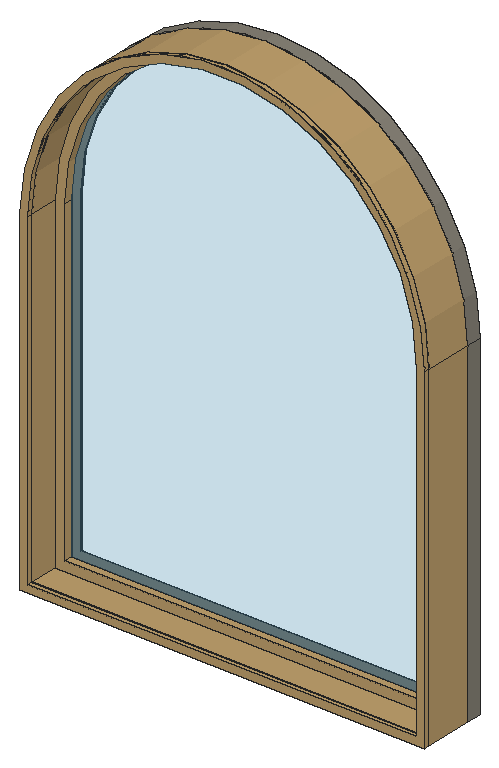
Revit family
Parameters (values of type "CRT2DH")
  Window Type = "Clad Direct Glaze Ultimate Round Top RT2"
  URL = "www.marvin.com"
  Springline = Height - Radius  # 2' - 6"
  Radius = Width / 2  # 1' - 6"
  Nominal Width = 3' - 0"
  Nominal Height = 4' - 0"
  Model = "CRT2DH"
  Mask Offset [instance] = if(Inset to Installation Flange = 0' 1 3/32", 0' 0 1/32", 0' 0")  # 0' - 0"
  Mask [instance] = Inset to Installation Flange > 0' 1 3/32"  # no
  Manufacturer = "Marvin Windows and Doors"
  Label Visibility = no
  Interior Material = Wood-Marvin-Pine
  Glazing Material = Glass-Marvin-IG Low E II with Argon
  Glass Type = "IG Low E II with Argon"
  Frame = "Aluminum Clad"
  Family created by = "www.rbuiltcomponents.com"
  Rough Width = Width + 0' 1"  # 3' - 1"
  Rough Height = Height + 0' 0 1/2"  # 4' - 0 1/2"
  Jamb Extension Visibility = yes
  Inset to Installation Flange [instance] = 0' - 1"
  Height = Nominal Height  # 4' - 0"
  Design Pressure = if(or(Width > 10' 0", Height > 6' 0"), "", "DP40")  # "DP40"
  Description = "FIXED RT2"
  Default Head Height = 8' - 0"
  Wall Closure = (empty or 0)
  Width = Nominal Width  # 3' - 0"
  DLO Width = Width - 0' 3 1/8"  # 2' - 8 7/8"
  DLO Height = Height - 0' 3 1/8"  # 3' - 8 7/8"
  Cladding Material = Aluminum-Marvin-Bronze
  Assembly Code = ""
Reference planes (in)
  plane 1 "Center (Front/Back)": y = 0
  plane 2: z = 0
  plane 3 "Center (Left/Right)": x = -3
  plane 4 "Left": x = -21
  plane 5 "Right": x = 15
  plane 6 "Sill": z = 48
  plane 7 "Top": z = 96
  plane 8 "Inset": y = 2
  plane 9 "Glazing": y = 1.80078
  plane 10 "Jamb Ext Face": y = -2.5625
  plane 11: z = 78
  plane 12: y = -2.59375
Forms (in)
  Sweep 1, solid, material "Aluminum-Marvin-Bronze" <- "Cladding Material"
    path origin (0, 1.80078, 0) x (1, 0, 0) y (0, 0, 1)
      loop
        line (-21, 78) -> (-21, 48) -> (15, 48) -> (15, 78)
        arc (15, 78) -> (-3, 96) -> (-21, 78) r 18
    profile "Profile_Ext_Clad_Frame : Profile_Ext_Clad_Frame" origin (-21, 1.80078, 63) x (1, 0, 0) y (0, -1, 0)
      loop
        line (0.66161, -0.32533) -> (1.36603, -0.32533) -> (1.36603, -0.20244) -> (1.53351, -0.03495) -> (1.53351, 0) -> (0, 0) -> (0, -1.29321) -> (0.59393, -1.29321) -> (0.66161, -0.32533)
  Sweep 2, solid, material "Wood-Marvin-Pine" <- "Interior Material"
    path origin (0, 1.80078, 0) x (1, 0, 0) y (0, 0, 1)
      loop
        line (-21, 78) -> (-21, 48) -> (15, 48) -> (15, 78)
        arc (15, 78) -> (-3, 96) -> (-21, 78) r 18
    profile "Profile_Int_Frame : Profile_Int_Frame" origin (-21, 1.80078, 63) x (1, 0, 0) y (0, -1, 0)
      loop
        line (0.65625, 4.36304) -> (0, 4.36304) -> (0, 0) -> (0.65625, 0) -> (0.65625, 1.0626) -> (1.53226, 1.0626) -> (1.53226, 1.7506) -> (0.65625, 1.7506) -> (0.65625, 4.36304)
  Extrusion 3, solid, material "Glass-Marvin-IG Low E II with Argon" <- "Glazing Material"
    sketch origin (0, 1.80078, 0) x (1, 0, 0) y (0, 0, 1)
      loop
        line (14.15625, 48.84375) -> (14.15625, 80.54337)
        arc (14.15625, 80.54337) -> (-3, 95.34375) -> (-20.15625, 80.54337) r 17.34375
        line (-20.15625, 80.54337) -> (-20.15625, 48.84375) -> (14.15625, 48.84375)
    from 0 to 0.1875
  Extrusion 4, solid, material "Glass-Marvin-IG Low E II with Argon" <- "Glazing Material"
    sketch origin (0, 1.80078, 0) x (1, 0, 0) y (0, 0, 1)
      loop
        line (14.15625, 48.84375) -> (14.15625, 80.54337)
        arc (14.15625, 80.54337) -> (-3, 95.34375) -> (-20.15625, 80.54337) r 17.34375
        line (-20.15625, 80.54337) -> (-20.15625, 48.84375) -> (14.15625, 48.84375)
    from 0.8125 to 1
  Extrusion 5, solid, material "Wood-Marvin-Pine" <- "Interior Material", detail levels medium+fine
    sketch origin (0, -2.5625, 0) x (1, 0, 0) y (0, 0, 1)
      loop
        arc (15, 78) -> (-3, 96) -> (-21, 78) r 18
        line (-21, 78) -> (-21, 48) -> (15, 48) -> (15, 78)
      loop
        arc (14.34375, 78) -> (-3, 95.34375) -> (-20.34375, 78) r 17.34375
        line (-20.34375, 78) -> (-20.34375, 48.65625) -> (14.34375, 48.65625) -> (14.34375, 78)
    from 0.03125 to 0.4375
Lines and regions (in)
  Opening 1
    outline origin (-60, -3, 0) x (1, 0, 0) y (0, 0, 1)
      loop
        line (39, 78) -> (39, 48) -> (75, 48) -> (75, 78)
        arc (75, 78) -> (57, 96) -> (39, 78) r 18
  Masking region 1
    outline origin (0, 0, 48) x (0, -1, 0) y (1, 0, 0)
      loop
        line (-3.094, -21) -> (2.5625, -21) -> (2.5625, 15) -> (-3.094, 15) -> (-3.094, -21)
  Masking region 2
    outline origin (-3, 0, 0) x (0, 1, 0) y (0, 0, 1)
      loop
        line (3.094, 96) -> (-2.5625, 96) -> (-2.5625, 48) -> (3.094, 48) -> (3.094, 96)
  Masking region 3, visible <- "Jamb Extension Visibility"
    outline origin (0, 0, 0) x (1, 0, 0) y (0, 1, 0)
      loop
        line (-21, -2.59375) -> (-21, -3) -> (15, -3) -> (15, -2.59375) -> (-21, -2.59375)
  Masking region 4
    outline origin (-3, 0, 0) x (0, 1, 0) y (0, 0, 1)
      loop
        line (-2.59375, 96) -> (-3, 96) -> (-3, 48) -> (-2.59375, 48) -> (-2.59375, 96)
  Masking region 5, visible <- "Mask"
    outline origin (-3, 0.11468, 0) x (0, 1, 0) y (0, 0, 1)
      loop
        line (2.97932, 96) -> (2.88532, 96) -> (2.88532, 48) -> (2.97932, 48) -> (2.97932, 96)
  symbolic lines, style "Jamb Extension", visible <- "Jamb Extension Visibility", detail levels fine
    curve 1: line (-21, -3, 48) -> (-20.34375, -3, 48)
    curve 2: line (-20.34375, -3, 48) -> (-20.34375, -2.59375, 48)
    curve 3: line (15, -3, 48) -> (14.34375, -3, 48)
    curve 4: line (14.34375, -3, 48) -> (14.34375, -2.59375, 48)
    curve 5: line (-3, -3, 95.34112) -> (-3, -2.59375, 95.34112)
    curve 6: line (-3, -3, 48.65625) -> (-3, -2.59375, 48.65625)
  symbolic lines, style "WindowsFrameMullionProjection", detail levels coarse+medium
    curve 7: line (15, -2.5625, 0) -> (14.34375, -2.5625, 0)
    curve 8: line (14.34375, -2.5625, 0) -> (14.34375, 3.094, 0)
    curve 9: line (14.34375, 3.094, 0) -> (15, 3.094, 0)
    curve 10: line (14.34375, 2.12611, 0) -> (13.46774, 2.12611, 0)
    curve 11: line (13.46774, 2.12611, 0) -> (13.46774, 0.05018, 0)
    curve 12: line (-20.34375, 0.05018, 0) -> (-19.46774, 0.05018, 0)
    curve 13: line (-21, -2.5625, 0) -> (-20.34375, -2.5625, 0)
    curve 14: line (-20.34375, -2.5625, 0) -> (-20.34375, 3.094, 0)
    curve 15: line (-20.34375, 3.094, 0) -> (-21, 3.094, 0)
    curve 16: line (-19.46774, 2.12611, 0) -> (-19.46774, 0.05018, 0)
    curve 17: line (-3, 3.094, 96) -> (-3, 3.094, 95.34112)
    curve 18: line (-3, 3.094, 95.34112) -> (-3, -2.5625, 95.34112)
    curve 19: line (-3, -2.5625, 95.34112) -> (-3, -2.5625, 96)
    curve 20: line (-3, 2.12611, 95.34112) -> (-3, 2.12611, 94.46774)
    curve 21: line (-3, 2.12611, 94.46774) -> (-3, 0.05018, 94.46774)
    curve 22: line (-3, 0.05018, 48.65625) -> (-3, 0.05018, 49.53226)
    curve 23: line (-3, 3.094, 48) -> (-3, 3.094, 48.65625)
    curve 24: line (-3, 3.094, 48.65625) -> (-3, -2.5625, 48.65625)
    curve 25: line (-3, -2.5625, 48.65625) -> (-3, -2.5625, 48)
    curve 26: line (-3, 2.12611, 49.53226) -> (-3, 0.05018, 49.53226)
    curve 27: line (13.46774, 2.12611, 0) -> (-19.46774, 2.12611, 0)
    curve 28: line (13.46774, 0.05018, 0) -> (14.34375, 0.05018, 0)
    curve 29: line (-19.46774, 0.05018, 0) -> (13.46774, 0.05018, 0)
    curve 30: line (-19.46774, 2.12611, 0) -> (-20.34375, 2.12611, 0)
    curve 31: line (-3, 0.05018, 49.53226) -> (-3, 0.05018, 94.46774)
    curve 32: line (-3, 2.12611, 49.53226) -> (-3, 2.12611, 48.65625)
    curve 33: line (-3, 0.05018, 94.46774) -> (-3, 0.05018, 95.34112)
    curve 34: line (-3, 2.12611, 94.46774) -> (-3, 2.12611, 49.53226)
  symbolic lines, style "WindowsFrameMullionProjection", visible <- "Jamb Extension Visibility", detail levels coarse+medium
    curve 35: line (-20.34375, -2.59375, 48) -> (-20.34375, -3, 48)
    curve 36: line (-20.34375, -3, 48) -> (-21, -3, 48)
    curve 37: line (14.34375, -2.59375, 48) -> (14.34375, -3, 48)
    curve 38: line (14.34375, -3, 48) -> (15, -3, 48)
    curve 41: line (-3, -2.59375, 95.34112) -> (-3, -3, 95.34112)
    curve 42: line (-3, -3, 95.34112) -> (-3, -3, 96)
    curve 43: line (-3, -2.59375, 48.65625) -> (-3, -3, 48.65625)
    curve 44: line (-3, -3, 48.65625) -> (-3, -3, 48)
  symbolic lines, style "Jamb Extension", visible <- "Jamb Extension Visibility"
    curve 39: line (-3, -3, 48.65625) -> (-3, -3, 48)
    curve 40: line (-3, -3, 95.34112) -> (-3, -3, 96)
  symbolic lines, style "WindowsGlassProjection", detail levels coarse+medium
    curve 45: line (-3, 1.06756, 49.53226) -> (-3, 1.06756, 94.46774)
    curve 46: line (13.46774, 1.06956, 0) -> (-19.46774, 1.06956, 0)
  symbolic lines, style "InvisibleLines", visible <- "Jamb Extension Visibility"
    curve 47: line (-3, -2.59375, 48) -> (-3, -2.59375, 48.65625)
  symbolic lines, style "InvisibleLines"
    curve 48: line (-3, -2.59375, 96) -> (-3, -2.59375, 95.34112)
Text (in)
  text "EXTERIOR" at (-58.6888, 50.90694, 0), in view "Ref. Level"
  text "INTERIOR" at (-58.6888, -37.76638, 0), in view "Ref. Level"
  text "Exterior" at (0, 43.65631, 123.19604), in view "Left"
  text "Exterior" at (0, 18.29385, 125.04747), in view "Right"
Dimensions and locks (in)
  equal spacing: plane 4 "Left", plane 3 "Center (Left/Right)", plane 5 "Right"
  "Width": plane 4 "Left" to plane 5 "Right"
  "Height": plane 6 "Sill" to plane 7 "Top"
  "Inset to Installation Flange": host wall to plane 8 "Inset"
  locked: plane 9 "Glazing" to plane 8 "Inset" at 0.19922
  locked: plane 10 "Jamb Ext Face" to plane 8 "Inset" at 4.5625
  locked: Extrusion 3 sketch curve to plane 5 "Right" at 0.84375
  locked: plane 4 "Left" to Extrusion 3 sketch curve at 0.84375
  locked: plane 6 "Sill" to Extrusion 3 sketch curve at 0.84375
  equal spacing: curve 28, plane 8 "Inset", curve 10
  "Default Head Height": plane 2 to plane 7 "Top"
  locked: nested 3 to host wall at 12.00106
  locked: Extrusion 4 sketch curve to plane 5 "Right" at 0.84375
  locked: plane 6 "Sill" to Extrusion 4 sketch curve at 0.84375
  locked: plane 4 "Left" to Extrusion 4 sketch curve at 0.84375
  locked: plane 9 "Glazing" to Extrusion 3 at 0.1875
  locked: plane 9 "Glazing" to Extrusion 4 at 0.8125
  locked: plane 9 "Glazing" to Extrusion 4 at 1
  locked: Extrusion 4 to Extrusion 4 at 0.1875
  "Springline": plane 6 "Sill" to plane 11
  locked: plane 12 to plane 10 "Jamb Ext Face" at 0.03125
  "Mask Offset": Masking region 5 sketch curve to host wall
  "Radius": radius of Opening 1 sketch curve
  aligned and locked: plane 6 "Sill" to Opening 1 sketch curve  (x2)
  aligned and locked: plane 4 "Left" to Opening 1 sketch curve
  aligned and locked: nested 1 to plane 3 "Center (Left/Right)"
  aligned and locked: plane 8 "Inset" to nested 1
  aligned and locked: host wall to curve 1
  aligned and locked: curve 3 to host wall
  aligned and locked: Sweep 1 sketch curve to plane 6 "Sill"
  aligned and locked: plane 5 "Right" to Sweep 1 sketch curve
  aligned and locked: plane 5 "Right" to Sweep 2 sketch curve
  aligned and locked: Sweep 2 sketch curve to plane 6 "Sill"
  aligned and locked: plane 8 "Inset" to nested 2
  aligned and locked: plane 5 "Right" to Masking region 1 sketch curve
  aligned and locked: Masking region 1 sketch curve to plane 4 "Left"
  aligned and locked: plane 7 "Top" to Masking region 2 sketch curve
  aligned and locked: Masking region 2 sketch curve to plane 6 "Sill"
  aligned and locked: plane 3 "Center (Left/Right)" to nested 3
  aligned and locked: plane 10 "Jamb Ext Face" to curve 13
  aligned and locked: curve 7 to plane 10 "Jamb Ext Face"
  aligned and locked: plane 4 "Left" to curve 36
  aligned and locked: curve 36 to host wall
  aligned and locked: plane 5 "Right" to curve 38
  aligned and locked: host wall to curve 38
  aligned and locked: plane 6 "Sill" to curve 39
  aligned and locked: curve 39 to host wall
  aligned and locked: plane 7 "Top" to curve 40
  aligned and locked: plane 7 "Top" to curve 42
  aligned and locked: host wall to curve 42
  aligned and locked: plane 6 "Sill" to curve 44
  aligned and locked: Extrusion 3 to plane 9 "Glazing"
  aligned and locked: curve 14 to Sweep 2
  aligned and locked: curve 8 to Sweep 2
  aligned and locked: curve 24 to Sweep 2
  aligned and locked: Sweep 1 to curve 32
  aligned and locked: plane 9 "Glazing" to Extrusion 3
  aligned and locked: Sweep 1 to curve 30
  aligned and locked: curve 12 to Sweep 2
  aligned and locked: curve 16 to Sweep 2
  aligned and locked: curve 10 to Sweep 1
  aligned and locked: Sweep 2 to curve 28
  aligned and locked: curve 11 to Sweep 2
  aligned and locked: curve 9 to Sweep 1
  aligned and locked: Sweep 1 to curve 15
  aligned and locked: Masking region 1 sketch curve to Sweep 1
  aligned and locked: Masking region 2 sketch curve to Sweep 1
  aligned and locked: curve 17 to Sweep 1
  aligned and locked: curve 20 to Sweep 1
  aligned and locked: Sweep 2 to curve 33
  aligned and locked: curve 23 to Sweep 1
  aligned and locked: curve 22 to Sweep 2
  aligned and locked: curve 26 to Sweep 2
  aligned and locked: Extrusion 3 sketch curve to Sweep 2
  aligned and locked: Extrusion 4 sketch curve to Sweep 2
  aligned and locked: Sweep 1 sketch curve to host wall
  aligned and locked: Sweep 2 sketch curve to host wall
  aligned and locked: Extrusion 5 sketch curve to Sweep 2  (x4)
  aligned and locked: host wall to Extrusion 5
  aligned and locked: curve 35 to Extrusion 5
  aligned and locked: curve 2 to Extrusion 5
  aligned and locked: curve 37 to Extrusion 5
  aligned and locked: curve 4 to Extrusion 5
  aligned and locked: curve 18 to nested 2
  aligned and locked: curve 18 to curve 41
  aligned and locked: curve 5 to curve 18
  aligned and locked: curve 43 to Extrusion 5
  aligned and locked: curve 6 to Extrusion 5
  aligned and locked: Extrusion 5 to curve 35
  aligned and locked: Extrusion 5 to curve 37
  aligned and locked: curve 47 to Extrusion 5  (x2)
  aligned and locked: curve 47 to curve 43
  aligned and locked: plane 7 "Top" to curve 48
  aligned and locked: curve 48 to Extrusion 5
  aligned and locked: Extrusion 5 to plane 12
  aligned and locked: Masking region 1 sketch curve to plane 10 "Jamb Ext Face"
  aligned and locked: Masking region 3 sketch curve to plane 4 "Left"
  aligned and locked: plane 5 "Right" to Masking region 3 sketch curve
  aligned and locked: plane 12 to Masking region 3 sketch curve
  aligned and locked: Masking region 3 sketch curve to host wall
  aligned and locked: Masking region 2 sketch curve to plane 10 "Jamb Ext Face"
  aligned and locked: plane 7 "Top" to Masking region 4 sketch curve
  aligned and locked: Masking region 4 sketch curve to plane 6 "Sill"
  aligned and locked: plane 12 to Masking region 4 sketch curve
  aligned and locked: Masking region 4 sketch curve to host wall
  aligned and locked: Masking region 5 sketch curve to plane 6 "Sill"
  aligned and locked: plane 7 "Top" to Masking region 5 sketch curve
  aligned and locked: Masking region 5 sketch curve to Sweep 1
Automatic sketch dimensions
  curve 13 to plane 4 "Left" = 0' - 0"
  curve 15 to plane 4 "Left" = 0' - 0"
  curve 7 to plane 5 "Right" = 0' - 0"
  curve 9 to plane 5 "Right" = 0' - 0"
  plane 9 "Glazing" to curve 46 = 0' - 0.73122"
  Opening 1 sketch curve to plane 11 = 0' - 0"
  curve 1 to plane 4 "Left" = 0' - 0"
  curve 3 to plane 5 "Right" = 0' - 0"
  curve 25 to plane 6 "Sill" = 0' - 0"
  curve 25 to plane 10 "Jamb Ext Face" = 0' - 0"
  curve 19 to plane 7 "Top" = 0' - 0"
  curve 19 to plane 10 "Jamb Ext Face" = 0' - 0"
  curve 23 to plane 6 "Sill" = 0' - 0"
  curve 17 to plane 7 "Top" = 0' - 0"
  plane 9 "Glazing" to curve 45 = 0' - 0.73322"
  curve 31 to curve 33 = 0' - 0.87339"
Nested families (in)
  nested 1: "Roundtop_Plan_Detail" at (-3, 2, 48) x (-1, 0, 0) z (0, 0, -1), type "Roundtop_Plan_Detail", detail levels fine
  nested 2: "Roundtop_Section_Detail" at (-3, 2, 96) x (0, -1, 0) z (1, 0, 0), type "Roundtop_Section_Detail", detail levels fine
  nested 3: "Label Annotation 1-16 w6" at (-3, 15.00106, 0), visible <- "Label Visibility", type "Label Annotation 1-16 w6"
Definition of nested family "Roundtop_Plan_Detail"
  Parameters (values of type "Roundtop_Plan_Detail")
    Width = 3' - 0"
    Assembly Code = ""
  Reference planes (in)
    plane 1 "Center (Front/Back)": y = 0
    plane 2: z = 0
    plane 3 "Center (Left/Right)": x = 0
    plane 4: x = -18
    plane 5: x = 18
  Lines and regions (in)
    detail lines, style "Cut Lines", in view "Ref. Level"
      curve 1: line (-17.15398, -0.23076, 0) -> (17.15398, -0.23076, 0)
      curve 2: line (17.15398, -0.41826, 0) -> (-17.15398, -0.41826, 0)
      curve 3: line (-17.15398, -1.04326, 0) -> (17.15398, -1.04326, 0)
      curve 4: line (17.15398, -1.23076, 0) -> (-17.15398, -1.23076, 0)
  Dimensions and locks (in)
    equal spacing: plane 4, plane 3 "Center (Left/Right)", plane 5
    "Width": plane 4 to plane 5
    aligned and locked: plane 1 "Center (Front/Back)" to nested 1
    aligned and locked: nested 1 to plane 4
    aligned and locked: plane 5 to nested 2
    aligned and locked: nested 2 to plane 1 "Center (Front/Back)"
    aligned and locked: nested 1 to curve 1
    aligned and locked: nested 2 to curve 2  (x2)
    aligned and locked: nested 1 to curve 3  (x2)
    aligned and locked: nested 2 to curve 4
    aligned and locked: curve 1 to nested 1
    aligned and locked: nested 1 to curve 2
    aligned and locked: curve 4 to nested 1
    aligned and locked: curve 1 to nested 2
    aligned and locked: nested 2 to curve 3
    aligned and locked: curve 4 to nested 2
  Nested families (in)
    nested 1: "Jamb_Detail" at (-18, 0, 0), type "Jamb_Detail", in view "Ref. Level"
    nested 2: "Jamb_Detail" at (18, 0, 0) x (-1, 0, 0) z (0, 0, 1), type "Jamb_Detail", in view "Ref. Level"
  Definition of nested family "Jamb_Detail"
    Parameters (values of type "Jamb_Detail")
      Assembly Code = ""
    Reference planes (in)
      plane 1 "Center (Front/Back)": y = 0
      plane 2: z = 0
      plane 3 "Center (Left/Right)": x = 0
    Lines and regions (in)
      detail lines, style "Cut Lines", in view "Ref. Level"
        curve 1: line (0.6575, 4.5625, 0) -> (0, 4.5625, 0)
        curve 2: line (0, 4.5625, 0) -> (0, -1.09375, 0)
        curve 3: line (0.6575, 4.5625, 0) -> (0.6575, 1.95006, 0)
        curve 4: line (0.6575, 1.95006, 0) -> (1.53351, 1.95006, 0)
        curve 5: line (1.53351, 1.95006, 0) -> (1.53351, 1.26206, 0)
        curve 6: line (1.53351, 1.26206, 0) -> (0.6575, 1.26206, 0)
        curve 7: line (-0.15502, 0, 0) -> (-1.50502, 0, 0)
        curve 8: line (0, -0.045, 0) -> (-1.50502, -0.045, 0)
        curve 9: line (0, 0.11, 0) -> (-0.15502, 0.11, 0)
        curve 10: line (-0.15502, 0, 0) -> (-0.15502, 0.11, 0)
        curve 11: line (0.66161, -0.12586, 0) -> (0.59393, -1.09375, 0)
        curve 12: line (0.59393, -1.09375, 0) -> (0, -1.09375, 0)
        curve 13: line (1.36603, -0.12586, 0) -> (0.66161, -0.12586, 0)
        curve 14: line (1.36603, -0.00297, 0) -> (1.36603, -0.12586, 0)
        curve 15: line (0.6575, 0.19946, 0) -> (1.53351, 0.19946, 0)
        curve 16: line (-1.50502, 0, 0) -> (-1.50502, -0.045, 0)
        curve 17: line (1.53351, 0.19946, 0) -> (1.53351, 0.16452, 0)
        curve 18: line (0.6575, 1.26206, 0) -> (0.6575, 0.19946, 0)
        curve 19: line (1.28352, 1.04326, 0) -> (1.28352, 0.41826, 0)
        curve 20: line (0.97102, 1.04326, 0) -> (0.97102, 0.41826, 0)
        curve 21: line (0.84602, 1.23076, 0) -> (0.84602, 1.04326, 0)
        curve 22: line (0.84602, 0.23076, 0) -> (0.84602, 0.41826, 0)
        curve 23: line (1.36603, -0.00297, 0) -> (1.53351, 0.16452, 0)
Definition of nested family "Roundtop_Section_Detail"
  Parameters (values of type "Roundtop_Section_Detail")
    Height = 3' - 0"
    Assembly Code = ""
  Reference planes (in)
    plane 1 "Center (Front/Back)": y = 0
    plane 2: z = 0
    plane 3 "Center (Left/Right)": x = 0
    plane 4: y = 36
  Lines and regions (in)
    detail lines, style "Cut Lines", in view "Ref. Level"
      curve 1: line (0.23076, 0.84739, 0) -> (0.23076, 35.15261, 0)
      curve 2: line (0.41826, 35.15261, 0) -> (0.41826, 0.84739, 0)
      curve 3: line (1.04326, 0.84739, 0) -> (1.04326, 35.15261, 0)
      curve 4: line (1.23076, 35.15261, 0) -> (1.23076, 0.84739, 0)
  Dimensions and locks (in)
    "Height": plane 4 to plane 1 "Center (Front/Back)"
    aligned and locked: nested 1 to plane 4
    aligned and locked: plane 3 "Center (Left/Right)" to nested 1
    aligned and locked: curve 1 to nested 1
    aligned and locked: nested 1 to curve 2
    aligned and locked: nested 1 to curve 3
    aligned and locked: curve 4 to nested 1
    aligned and locked: plane 1 "Center (Front/Back)" to nested 2
    aligned and locked: nested 2 to plane 3 "Center (Left/Right)"
    aligned and locked: curve 1 to nested 2
    aligned and locked: nested 2 to curve 2
    aligned and locked: nested 2 to curve 3
    aligned and locked: curve 4 to nested 2
  Automatic sketch dimensions
    plane 3 "Center (Left/Right)" to curve 1 = 0' - 0.23076"
    curve 1 to curve 2 = 0' - 0 3/16"
    curve 2 to curve 3 = 0' - 0 5/8"
    curve 3 to curve 4 = 0' - 0 3/16"
  Nested families (in)
    nested 1: "Head_Detail" at (0, 36, 0), type "Head_Detail", in view "Ref. Level"
    nested 2: "Head_Detail" at (0, 0, 0), type "Head_Detail", in view "Ref. Level"
  Definition of nested family "Head_Detail"
    Parameters (values of type "Jamb_Detail")
      Assembly Code = ""
    Reference planes (in)
      plane 1 "Center (Front/Back)": y = 0
      plane 2: z = 0
      plane 3 "Center (Left/Right)": x = 0
    Lines and regions (in)
      detail lines, style "Cut Lines", in view "Ref. Level"
        curve 1: line (4.5625, -0.65888, 0) -> (4.5625, -0.00138, 0)
        curve 2: line (4.5625, -0.00138, 0) -> (-1.09375, -0.00138, 0)
        curve 3: line (4.5625, -0.65888, 0) -> (1.95006, -0.65888, 0)
        curve 4: line (1.95006, -0.65888, 0) -> (1.95006, -1.53489, 0)
        curve 5: line (1.95006, -1.53489, 0) -> (1.26206, -1.53489, 0)
        curve 6: line (1.26206, -1.53489, 0) -> (1.26206, -0.65888, 0)
        curve 7: line (0, 0.15365, 0) -> (0, 1.50364, 0)
        curve 8: line (-0.045, -0.00138, 0) -> (-0.045, 1.50364, 0)
        curve 9: line (0.11, -0.00138, 0) -> (0.11, 0.15365, 0)
        curve 10: line (0, 0.15365, 0) -> (0.11, 0.15365, 0)
        curve 11: line (-0.12586, -0.66299, 0) -> (-1.09375, -0.5953, 0)
        curve 12: line (-1.09375, -0.5953, 0) -> (-1.09375, -0.00138, 0)
        curve 13: line (-0.12586, -1.3674, 0) -> (-0.12586, -0.66299, 0)
        curve 14: line (-0.00297, -1.3674, 0) -> (-0.12586, -1.3674, 0)
        curve 15: line (0.19946, -0.65888, 0) -> (0.19946, -1.53489, 0)
        curve 16: line (0, 1.50364, 0) -> (-0.045, 1.50364, 0)
        curve 17: line (0.19946, -1.53489, 0) -> (0.16452, -1.53489, 0)
        curve 18: line (1.26206, -0.65888, 0) -> (0.19946, -0.65888, 0)
        curve 19: line (1.04326, -1.28489, 0) -> (0.41826, -1.28489, 0)
        curve 20: line (1.04326, -0.97239, 0) -> (0.41826, -0.97239, 0)
        curve 21: line (1.23076, -0.84739, 0) -> (1.04326, -0.84739, 0)
        curve 22: line (0.23076, -0.84739, 0) -> (0.41826, -0.84739, 0)
        curve 23: line (-0.00297, -1.3674, 0) -> (0.16452, -1.53489, 0)
Definition of nested family "Label Annotation 1-16 w6"
  Parameters
    Nominal Width = 4' - 0"
    Nominal Height = 6' - 0"
    Label = ""
    Egress Info = "EGRESS WDW"
    Description = "DBHG MGNM"
  Reference planes (in)
    plane 1: y = 0
    plane 2: x = 0
  Text (in)
    label "Nominal Width X  Nominal Height Description" at (0.00375, -0.00345, 0), shows "Nominal Width", "Nominal Height", "Description"
